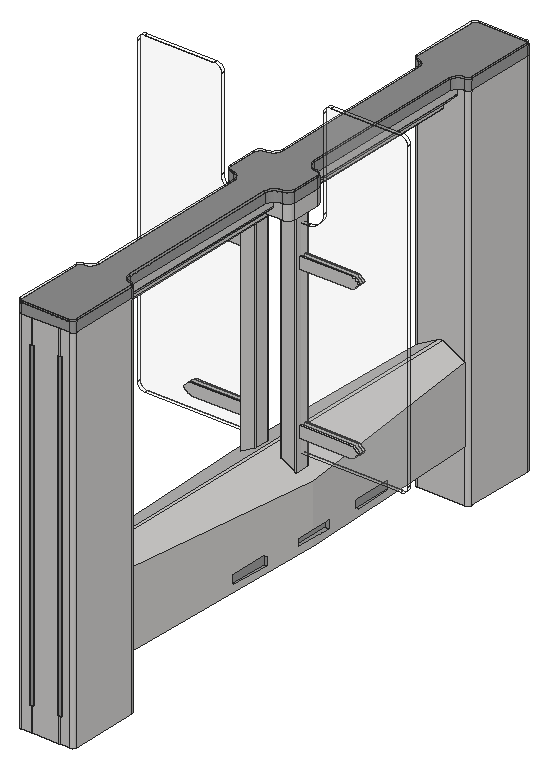
Revit family "CAME_Турникет_Скоростной_SWINGGATE_SWG55MРаздвижнойЦентральныйМодуль", category Специальное оборудование, Revit 2019
Family settings
  Размер круглого соединителя = Использовать диаметр
  Тип детали = Нормальный
  На основе рабочей плоскости = Нет
  Всегда вертикально = Да
  При загрузке вырезать с полостями = Нет
  Общий = Нет
  Точка расчета площади = Нет
Parameters
  х2 = 102.5 mm  # constant formula
  х1 = 72.5 mm  # constant formula
  Описание = "Центральный модуль распашного турникета SWING GATE SWG55M, оснащенный платой управления и светодиодными указателями прохода и направления. Корпус - нержавеющая сталь. Сервопозиционный электропривод створки с определением препятствий и автоматической разблокировкой при отключении электроэнергии. Створка из 10 мм закаленного стекла. Ширина прохода 550 мм. Высота створки 1200 мм. Время открытия - 2 сек."
  Изготовитель = "CAME"  # constant formula
  Группа модели = "Турникеты"
  Watermark [instance] = "Модели защищены уникальным кодом"
  URL = "https://camerussia.com"
  CAME_Тип механизма турникета = "моторизованный"  # constant formula
  CAME_Напряжение электропитания двигателя (В) = 24 V  # constant formula
  CAME_Максимальное количество проходов в минуту = "30"  # constant formula
  CAME_Класс защиты (IP) = "44"  # constant formula
  CAME_Интенсивность использования (%) = "ИНТЕНСИВНОЕ"  # constant formula
  CAME_Диапазон рабочих температур (°C) = "-20 ÷ +68"  # constant formula
  CAME_Время открывания (с) = "2"  # constant formula
  BL_Разработано = "support@bimlib.pro"  # constant formula
  BL_Email = "cru.info@came.com"  # constant formula
  BL_BIM library = "https://bimlib.pro/manufacturer/came/cf0b6efe-31e5-4ffa-b7ea-1d6fa84041d4/?tab=products"
  ADSK_Размер_Ширина = 705 mm  # constant formula
  ADSK_Размер_Глубина = 1488 mm  # constant formula
  ADSK_Размер_Высота = 1000 mm  # constant formula
  ADSK_Полная мощность = ADSK_Номинальная мощность / ADSK_Коэффициент мощности  # 81.25 VA
  ADSK_Обозначение = "ТУ 26.30.50-001-89603926-2021"  # constant formula
  ADSK_Номинальная мощность = 78 W  # constant formula
  ADSK_Напряжение = 230 V  # constant formula
  ADSK_Наименование краткое = "Центр. модуль турникета SWING GATE SWG55, 550 мм"  # constant formula
  ADSK_Наименование = "Центральный модуль скоростного распашного турникета SWING GATE SWG55, ширина прохода 550 мм"  # constant formula
  ADSK_Масса_Текст = "90"  # constant formula
  ADSK_Масса = 90  # constant formula
  ADSK_Марка = "АРТ:001SWG55MC"  # constant formula
  ADSK_Коэффициент мощности = 0.96
  ADSK_Количество фаз = 1  # constant formula
  ADSK_Количество = 1  # constant formula
  ADSK_Код изделия = "Код КСР 26.30.50.119.61.2.07.09"  # constant formula
  ADSK_Классификация нагрузок = Прочее
  ADSK_Завод-изготовитель = "CAME"  # constant formula
  ADSK_Единица измерения = "шт."  # constant formula
  ADSK_Группирование = "SWING GATE"  # constant formula
  ADSK_Версия семейства = "1.0"  # constant formula
  ADSK_Версия Revit = "2019"  # constant formula
  ADSK_URL страницы изделия = "https://camerussia.com/product/001swg55mc/"
  ADSK_URL документации изделия = "https://camerussia.com/uploads/support/instructions/files/Инструкция%20Swing%20Gate%20SWG55-SWG90.pdf"
Reference planes
  plane 1 "По центру (Вперед/Назад)": y = 0
  plane 2: z = 0
  plane 3 "По центру (Влево/Вправо)": x = 0
  plane 4: y = 744
  plane 5: y = -744
  plane 6: z = 1000
  plane 7: x = -102.5
  plane 8: x = 102.5
  plane 9: x = -72.5
  plane 10: x = 72.5
  plane 11: z = 1200
  plane 12: y = 544
  plane 13: y = -544
  plane 14: z = 970
  plane 15: z = 105
  plane 16: z = 365
  plane 17: z = 312.5
  plane 18: z = 157.5
  plane 19: x = -5
  plane 20: x = 5
  plane 21: z = 930
  plane 22: z = 905
  plane 23: x = -202.5
  plane 24: x = -227.5
  plane 25: x = 202.5
  plane 26: x = 227.5
  plane 27: x = -36.25
  plane 28: x = 36.25
  plane 29: x = -36.25
  plane 30: x = 36.25
  plane 31: x = 352.5
  plane 32: x = -352.5
Forms (mm)
  Extrusion 1, solid, material "CAME_Стекло_Закаленное_Черное", detail levels fine
    sketch origin (-925.693, -1524, 1000) x (-1, 0, 0) y (0, -1, 0)
      loop
        arc (-863.193, -2268) -> (-856.122, -2265.071) -> (-853.193, -2258) r 10
        line (-853.193, -2258) -> (-853.193, -2078)
        arc (-853.193, -2078) -> (-856.122, -2070.929) -> (-863.193, -2068) r 10
        arc (-863.193, -2068) -> (-879.103, -2061.41) -> (-885.693, -2045.5) r 22.5
        line (-885.693, -2045.5) -> (-885.693, -1604)
        arc (-885.693, -1604) -> (-878.371, -1586.322) -> (-860.693, -1579) r 25
        arc (-860.693, -1579) -> (-848.334, -1573.88) -> (-843.214, -1561.521) r 17.479
        line (-843.214, -1561.521) -> (-843.214, -1486.479)
        arc (-843.214, -1486.479) -> (-848.334, -1474.12) -> (-860.693, -1469) r 17.479
        arc (-860.693, -1469) -> (-878.371, -1461.678) -> (-885.693, -1444) r 25
        line (-885.693, -1444) -> (-885.693, -1002.5)
        arc (-885.693, -1002.5) -> (-879.103, -986.59) -> (-863.193, -980) r 22.5
        arc (-863.193, -980) -> (-856.122, -977.071) -> (-853.193, -970) r 10
        line (-853.193, -970) -> (-853.193, -790)
        arc (-853.193, -790) -> (-856.122, -782.929) -> (-863.193, -780) r 10
        line (-863.193, -780) -> (-988.193, -780)
        arc (-988.193, -780) -> (-995.264, -782.929) -> (-998.193, -790) r 10
        line (-998.193, -790) -> (-998.193, -970)
        arc (-998.193, -970) -> (-995.264, -977.071) -> (-988.193, -980) r 10
        arc (-988.193, -980) -> (-972.283, -986.59) -> (-965.693, -1002.5) r 22.5
        line (-965.693, -1002.5) -> (-965.693, -1444)
        arc (-965.693, -1444) -> (-973.016, -1461.678) -> (-990.693, -1469) r 25
        arc (-990.693, -1469) -> (-1003.053, -1474.12) -> (-1008.173, -1486.479) r 17.479
        line (-1008.173, -1486.479) -> (-1008.173, -1561.521)
        arc (-1008.173, -1561.521) -> (-1003.053, -1573.88) -> (-990.693, -1579) r 17.479
        arc (-990.693, -1579) -> (-973.016, -1586.322) -> (-965.693, -1604) r 25
        line (-965.693, -1604) -> (-965.693, -2045.5)
        arc (-965.693, -2045.5) -> (-972.283, -2061.41) -> (-988.193, -2068) r 22.5
        arc (-988.193, -2068) -> (-995.264, -2070.929) -> (-998.193, -2078) r 10
        line (-998.193, -2078) -> (-998.193, -2258)
        arc (-998.193, -2258) -> (-995.264, -2265.071) -> (-988.193, -2268) r 10
        line (-988.193, -2268) -> (-863.193, -2268)
    from 0 to -5
  Extrusion 2, solid, material "CAME_Сталь_Нержавеющая_AISI 304", detail levels fine
    sketch origin (0, 0, 0) x (1, 0, 0) y (0, 1, 0)
      loop
        arc (-72.5, -734) -> (-69.571, -741.071) -> (-62.5, -744) r 10
        line (-62.5, -744) -> (62.5, -744)
        arc (62.5, -744) -> (69.571, -741.071) -> (72.5, -734) r 10
        line (72.5, -734) -> (72.5, -554)
        arc (72.5, -554) -> (69.571, -546.929) -> (62.5, -544) r 10
        line (62.5, -544) -> (-62.5, -544)
        arc (-62.5, -544) -> (-69.571, -546.929) -> (-72.5, -554) r 10
        line (-72.5, -554) -> (-72.5, -734)
      loop
        line (-72.5, 734) -> (-72.5, 554)
        arc (-72.5, 554) -> (-69.571, 546.929) -> (-62.5, 544) r 10
        line (-62.5, 544) -> (62.5, 544)
        arc (62.5, 544) -> (69.571, 546.929) -> (72.5, 554) r 10
        line (72.5, 554) -> (72.5, 734)
        arc (72.5, 734) -> (69.571, 741.071) -> (62.5, 744) r 10
        line (62.5, 744) -> (-62.5, 744)
        arc (-62.5, 744) -> (-69.571, 741.071) -> (-72.5, 734) r 10
    from 0 to 970
  Extrusion 3, solid, material "CAME_Камень_Гранитный_SGL01", detail levels fine
    sketch origin (-925.693, -1524, 1000) x (-1, 0, 0) y (0, -1, 0)
      loop
        arc (-863.193, -2068) -> (-879.103, -2061.41) -> (-885.693, -2045.5) r 22.5
        line (-885.693, -2045.5) -> (-885.693, -1604)
        arc (-885.693, -1604) -> (-878.371, -1586.322) -> (-860.693, -1579) r 25
        arc (-860.693, -1579) -> (-848.334, -1573.88) -> (-843.214, -1561.521) r 17.479
        line (-843.214, -1561.521) -> (-843.214, -1486.479)
        arc (-843.214, -1486.479) -> (-848.334, -1474.12) -> (-860.693, -1469) r 17.479
        arc (-860.693, -1469) -> (-878.371, -1461.678) -> (-885.693, -1444) r 25
        line (-885.693, -1444) -> (-885.693, -1002.5)
        arc (-885.693, -1002.5) -> (-879.103, -986.59) -> (-863.193, -980) r 22.5
        arc (-863.193, -980) -> (-856.122, -977.071) -> (-853.193, -970) r 10
        line (-853.193, -970) -> (-853.193, -790)
        arc (-853.193, -790) -> (-856.122, -782.929) -> (-863.193, -780) r 10
        line (-863.193, -780) -> (-988.193, -780)
        arc (-988.193, -780) -> (-995.264, -782.929) -> (-998.193, -790) r 10
        line (-998.193, -790) -> (-998.193, -970)
        arc (-998.193, -970) -> (-995.264, -977.071) -> (-988.193, -980) r 10
        arc (-988.193, -980) -> (-972.283, -986.59) -> (-965.693, -1002.5) r 22.5
        line (-965.693, -1002.5) -> (-965.693, -1444)
        arc (-965.693, -1444) -> (-973.016, -1461.678) -> (-990.693, -1469) r 25
        arc (-990.693, -1469) -> (-1003.053, -1474.12) -> (-1008.173, -1486.479) r 17.479
        line (-1008.173, -1486.479) -> (-1008.173, -1561.521)
        arc (-1008.173, -1561.521) -> (-1003.053, -1573.88) -> (-990.693, -1579) r 17.479
        arc (-990.693, -1579) -> (-973.016, -1586.322) -> (-965.693, -1604) r 25
        line (-965.693, -1604) -> (-965.693, -2045.5)
        arc (-965.693, -2045.5) -> (-972.283, -2061.41) -> (-988.193, -2068) r 22.5
        arc (-988.193, -2068) -> (-995.264, -2070.929) -> (-998.193, -2078) r 10
        line (-998.193, -2078) -> (-998.193, -2258)
        arc (-998.193, -2258) -> (-995.264, -2265.071) -> (-988.193, -2268) r 10
        line (-988.193, -2268) -> (-863.193, -2268)
        arc (-863.193, -2268) -> (-856.122, -2265.071) -> (-853.193, -2258) r 10
        line (-853.193, -2258) -> (-853.193, -2078)
        arc (-853.193, -2078) -> (-856.122, -2070.929) -> (-863.193, -2068) r 10
    from -5 to -30
  Extrusion 4, solid, material "CAME_Сталь_Нержавеющая_AISI 304", detail levels fine
    sketch origin (-474.43, -1524, 105) x (-1, 0, 0) y (0, -1, 0)
      loop
        line (-411.93, -980) -> (-536.93, -980)
        arc (-536.93, -980) -> (-576.93, -1524) -> (-536.93, -2068) r 3719.2
        line (-536.93, -2068) -> (-411.93, -2068)
        arc (-411.93, -2068) -> (-371.93, -1524) -> (-411.93, -980) r 3719.2
    from 0 to 260
  Extrusion 5, void
    sketch origin (0, 0, 0) x (-1, 0, 0) y (0, 0, 1)
      loop
        line (-5, 365) -> (-102.5, 365) -> (-102.5, 310.955) -> (-5, 365)
      loop
        line (5, 365) -> (102.5, 310.955) -> (102.5, 365) -> (5, 365)
      loop
        line (-5, 105) -> (-102.5, 159.045) -> (-102.5, 105) -> (-5, 105)
      loop
        line (5, 105) -> (102.5, 105) -> (102.5, 159.045) -> (5, 105)
    from -554 to 554
  Extrusion 6, solid, material "CAME_Сталь_Нержавеющая_AISI 304", detail levels fine
    sketch origin (0, 0, 0) x (1, 0, 0) y (0, 0, 1)
      loop
        line (-40, 970) -> (-40, 952.071)
        arc (-40, 952.071) -> (-39.619, 950.158) -> (-38.536, 948.536) r 5
        line (-38.536, 948.536) -> (-21.464, 931.464)
        arc (-21.464, 931.464) -> (-19.842, 930.381) -> (-17.929, 930) r 5
        line (-17.929, 930) -> (-10, 930)
        arc (-10, 930) -> (-6.464, 928.536) -> (-5, 925) r 5
        line (-5, 925) -> (-5, 907.019)
        arc (-5, 907.019) -> (-4.409, 905.591) -> (-2.981, 905) r 2.019
        line (-2.981, 905) -> (3, 905)
        arc (3, 905) -> (4.414, 905.586) -> (5, 907) r 2
        line (5, 907) -> (5, 925)
        arc (5, 925) -> (6.464, 928.536) -> (10, 930) r 5
        line (10, 930) -> (17.929, 930)
        arc (17.929, 930) -> (19.842, 930.381) -> (21.464, 931.464) r 5
        line (21.464, 931.464) -> (38.536, 948.536)
        arc (38.536, 948.536) -> (39.619, 950.158) -> (40, 952.071) r 5
        line (40, 952.071) -> (40, 970) -> (-40, 970)
    from -544 to 544
  Extrusion 7, solid, material "CAME_Сталь_Нержавеющая_AISI 304", detail levels fine
    sketch origin (-925.693, -1524, 970) x (-1, 0, 0) y (0, -1, 0)
      loop
        line (-843.214, -1561.521) -> (-843.214, -1486.479)
        arc (-843.214, -1486.479) -> (-848.334, -1474.12) -> (-860.693, -1469) r 17.479
        line (-860.693, -1469) -> (-990.693, -1469)
        arc (-990.693, -1469) -> (-1003.053, -1474.12) -> (-1008.173, -1486.479) r 17.479
        line (-1008.173, -1486.479) -> (-1008.173, -1561.521)
        arc (-1008.173, -1561.521) -> (-1003.053, -1573.88) -> (-990.693, -1579) r 17.479
        line (-990.693, -1579) -> (-860.693, -1579)
        arc (-860.693, -1579) -> (-848.334, -1573.88) -> (-843.214, -1561.521) r 17.479
    from 0 to -40
  Extrusion 8, solid, material "CAME_Сталь_Нержавеющая_AISI 304", detail levels fine
    sketch origin (-435.329, -1524, 930) x (-1, 0, 0) y (0, -1, 0)
      loop
        arc (-364.829, -1544) -> (-363.415, -1543.414) -> (-362.829, -1542) r 2
        line (-362.829, -1542) -> (-362.829, -1506)
        arc (-362.829, -1506) -> (-363.415, -1504.586) -> (-364.829, -1504) r 2
        line (-364.829, -1504) -> (-400.829, -1504)
        arc (-400.829, -1504) -> (-402.244, -1504.586) -> (-402.829, -1506) r 2
        line (-402.829, -1506) -> (-402.829, -1542)
        arc (-402.829, -1542) -> (-402.244, -1543.414) -> (-400.829, -1544) r 2
        line (-400.829, -1544) -> (-364.829, -1544)
      loop
        arc (-469.829, -1544) -> (-468.415, -1543.414) -> (-467.829, -1542) r 2
        line (-467.829, -1542) -> (-467.829, -1506)
        arc (-467.829, -1506) -> (-468.415, -1504.586) -> (-469.829, -1504) r 2
        line (-469.829, -1504) -> (-505.829, -1504)
        arc (-505.829, -1504) -> (-507.244, -1504.586) -> (-507.829, -1506) r 2
        line (-507.829, -1506) -> (-507.829, -1542)
        arc (-507.829, -1542) -> (-507.244, -1543.414) -> (-505.829, -1544) r 2
        line (-505.829, -1544) -> (-469.829, -1544)
    from 0 to -617.5
  Extrusion 9, solid, material "CAME_Стекло_Закаленное", detail levels medium+fine
    sketch origin (0, 0, 0) x (1, 0, 0) y (0, 0, 1)
      loop
        line (-72.5, 365) -> (-72.5, 905) -> (-92.5, 905)
        arc (-92.5, 905) -> (-120.784, 916.716) -> (-132.5, 945) r 40
        line (-132.5, 945) -> (-132.5, 1180)
        arc (-132.5, 1180) -> (-138.358, 1194.142) -> (-152.5, 1200) r 20
        line (-152.5, 1200) -> (-332.5, 1200)
        arc (-332.5, 1200) -> (-346.642, 1194.142) -> (-352.5, 1180) r 20
        line (-352.5, 1180) -> (-352.5, 385)
        arc (-352.5, 385) -> (-346.642, 370.858) -> (-332.5, 365) r 20
        line (-332.5, 365) -> (-72.5, 365)
      loop
        line (72.5, 365) -> (332.5, 365)
        arc (332.5, 365) -> (346.642, 370.858) -> (352.5, 385) r 20
        line (352.5, 385) -> (352.5, 1180)
        arc (352.5, 1180) -> (346.642, 1194.142) -> (332.5, 1200) r 20
        line (332.5, 1200) -> (152.5, 1200)
        arc (152.5, 1200) -> (138.358, 1194.142) -> (132.5, 1180) r 20
        line (132.5, 1180) -> (132.5, 945)
        arc (132.5, 945) -> (120.784, 916.716) -> (92.5, 905) r 40
        line (92.5, 905) -> (72.5, 905) -> (72.5, 365)
    from -5 to 5
  Extrusion 10, solid, material "CAME_Сталь_Нержавеющая_AISI 304", detail levels fine
    sketch origin (0, 0, 0) x (1, 0, 0) y (0, 0, 1)
      loop
        line (-72.5, 405) -> (-72.5, 435) -> (-202.5, 435)
        arc (-202.5, 435) -> (-217.077, 430.962) -> (-227.5, 420) r 28.333
        arc (-227.5, 420) -> (-217.077, 409.038) -> (-202.5, 405) r 28.333
        line (-202.5, 405) -> (-72.5, 405)
      loop
        line (-72.5, 830) -> (-202.5, 830)
        arc (-202.5, 830) -> (-217.077, 825.962) -> (-227.5, 815) r 28.333
        arc (-227.5, 815) -> (-217.077, 804.038) -> (-202.5, 800) r 28.333
        line (-202.5, 800) -> (-72.5, 800) -> (-72.5, 830)
      loop
        line (72.5, 405) -> (202.5, 405)
        arc (202.5, 405) -> (217.077, 409.038) -> (227.5, 420) r 28.333
        arc (227.5, 420) -> (217.077, 430.962) -> (202.5, 435) r 28.333
        line (202.5, 435) -> (72.5, 435) -> (72.5, 405)
      loop
        line (72.5, 830) -> (72.5, 800) -> (202.5, 800)
        arc (202.5, 800) -> (217.077, 804.038) -> (227.5, 815) r 28.333
        arc (227.5, 815) -> (217.077, 825.962) -> (202.5, 830) r 28.333
        line (202.5, 830) -> (72.5, 830)
    from 5 to 10
  Extrusion 11, solid, material "CAME_Сталь_Нержавеющая_AISI 304", detail levels fine
    sketch origin (0, 0, 0) x (1, 0, 0) y (0, 0, 1)
      loop
        line (-72.5, 435) -> (-202.5, 435)
        arc (-202.5, 435) -> (-217.077, 430.962) -> (-227.5, 420) r 28.333
        arc (-227.5, 420) -> (-217.077, 409.038) -> (-202.5, 405) r 28.333
        line (-202.5, 405) -> (-72.5, 405) -> (-72.5, 435)
      loop
        line (202.5, 435) -> (72.5, 435) -> (72.5, 405) -> (202.5, 405)
        arc (202.5, 405) -> (217.077, 409.038) -> (227.5, 420) r 28.333
        arc (227.5, 420) -> (217.077, 430.962) -> (202.5, 435) r 28.333
      loop
        line (72.5, 800) -> (202.5, 800)
        arc (202.5, 800) -> (217.077, 804.038) -> (227.5, 815) r 28.333
        arc (227.5, 815) -> (217.077, 825.962) -> (202.5, 830) r 28.333
        line (202.5, 830) -> (72.5, 830) -> (72.5, 800)
      loop
        line (-202.5, 800) -> (-72.5, 800) -> (-72.5, 830) -> (-202.5, 830)
        arc (-202.5, 830) -> (-217.077, 825.962) -> (-227.5, 815) r 28.333
        arc (-227.5, 815) -> (-217.077, 804.038) -> (-202.5, 800) r 28.333
    from -10 to -5
  Extrusion 12, void
    sketch origin (-102.5, -903.392, 1200) x (0, -1, 0) y (0, 0, 1)
      loop
        line (-953.392, -1002.5) -> (-953.392, -1022.5) -> (-853.392, -1022.5) -> (-853.392, -1002.5) -> (-953.392, -1002.5)
      loop
        line (-753.392, -1002.5) -> (-753.392, -1022.5) -> (-653.392, -1022.5) -> (-653.392, -1002.5) -> (-753.392, -1002.5)
      loop
        line (-1053.392, -1002.5) -> (-1153.392, -1002.5) -> (-1153.392, -1022.5) -> (-1053.392, -1022.5) -> (-1053.392, -1002.5)
    from 0 to -10.5
  Extrusion 13, void
    sketch origin (102.5, 921.151, 1200) x (0, -1, 0) y (0, 0, 1)
      loop
        line (871.151, -1002.5) -> (871.151, -1022.5) -> (971.151, -1022.5) -> (971.151, -1002.5) -> (871.151, -1002.5)
      loop
        line (1071.151, -1002.5) -> (1071.151, -1022.5) -> (1171.151, -1022.5) -> (1171.151, -1002.5) -> (1071.151, -1002.5)
      loop
        line (771.151, -1002.5) -> (671.151, -1002.5) -> (671.151, -1022.5) -> (771.151, -1022.5) -> (771.151, -1002.5)
    from 0 to 10.5
  Extrusion 14, void
    sketch origin (0, 0, 0) x (1, 0, 0) y (0, 1, 0)
      loop
        arc (-34.75, -744) -> (-36.25, -742.5) -> (-37.75, -744) r 1.5
        line (-37.75, -744) -> (-34.75, -744)
      loop
        arc (37.75, -744) -> (36.25, -742.5) -> (34.75, -744) r 1.5
        line (34.75, -744) -> (37.75, -744)
      loop
        line (-34.75, 744) -> (-37.75, 744)
        arc (-37.75, 744) -> (-36.25, 742.5) -> (-34.75, 744) r 1.5
      loop
        line (37.75, 744) -> (34.75, 744)
        arc (34.75, 744) -> (36.25, 742.5) -> (37.75, 744) r 1.5
    from 0 to 970
  Extrusion 15, void
    sketch origin (0, 0, 0) x (1, 0, 0) y (0, 1, 0)
      loop
        line (-31.25, -744) -> (-31.25, -739) -> (-41.25, -739) -> (-41.25, -744) -> (-31.25, -744)
      loop
        line (31.25, -744) -> (41.25, -744) -> (41.25, -739) -> (31.25, -739) -> (31.25, -744)
      loop
        line (-31.25, 744) -> (-41.25, 744) -> (-41.25, 739) -> (-31.25, 739) -> (-31.25, 744)
      loop
        line (31.25, 744) -> (31.25, 739) -> (41.25, 739) -> (41.25, 744) -> (31.25, 744)
    from 65 to 905
  Extrusion 16, solid, material "Индикатор синий", detail levels fine
    sketch origin (0, 0, 0) x (1, 0, 0) y (0, 1, 0)
      loop
        line (-41.25, 744) -> (-41.25, 739) -> (-31.25, 739) -> (-31.25, 744) -> (-41.25, 744)
      loop
        line (31.25, 744) -> (31.25, 739) -> (41.25, 739) -> (41.25, 744) -> (31.25, 744)
      loop
        line (-41.25, -739) -> (-41.25, -744) -> (-31.25, -744) -> (-31.25, -739) -> (-41.25, -739)
      loop
        line (31.25, -739) -> (31.25, -744) -> (41.25, -744) -> (41.25, -739) -> (31.25, -739)
    from 65 to 905
  Extrusion 17, solid, material "CAME_Сталь_Нержавеющая_AISI 304", detail levels medium
    sketch origin (0, 0, 0) x (0, 1, 0) y (0, 0, 1)
      loop
        line (744, 0) -> (744, 1000) -> (-744, 1000) -> (-744, 0) -> (-544, 0) -> (-544, 105) -> (544, 105) -> (544, 0) -> (744, 0)
      loop
        line (-544, 365) -> (-20, 365) -> (-20, 905) -> (-544, 905) -> (-544, 365)
      loop
        line (544, 905) -> (20, 905) -> (20, 365) -> (544, 365) -> (544, 905)
    from -72.5 to 72.5
Cuts and joins
  Extrusion 13, Extrusion 14, Extrusion 15 cuts Extrusion 2
  Extrusion 5, Extrusion 12, Extrusion 13 cuts Extrusion 4
  Extrusion 13 cuts Extrusion 8
  joined: Extrusion 2, Extrusion 4, Extrusion 8
  joined: Extrusion 6, Extrusion 7
Lines and regions (mm)
  model lines, style "CAME", detail levels coarse
    curve 1: line (-40, -544, 0) -> (-40, 544, 0)
    curve 2: line (40, -544, 0) -> (40, 544, 0)
    curve 3: line (-72.5, 744, 0) -> (72.5, 744, 0)
    curve 4: line (-72.5, 544, 0) -> (-72.5, 744, 0)
    curve 5: line (72.5, 544, 0) -> (40, 544, 0)
    curve 6: line (72.5, 744, 0) -> (72.5, 544, 0)
    curve 7: line (-72.5, -744, 0) -> (72.5, -744, 0)
    curve 8: line (-72.5, -544, 0) -> (-72.5, -744, 0)
    curve 9: line (72.5, -544, 0) -> (40, -544, 0)
    curve 10: line (72.5, -744, 0) -> (72.5, -544, 0)
    curve 11: line (40, 0, 0) -> (352.5, 0, 0)
    curve 12: line (-40, 0, 0) -> (-352.5, 0, 0)
    curve 13: line (-40, -544, 0) -> (-72.5, -544, 0)
    curve 14: line (-40, 544, 0) -> (-72.5, 544, 0)
Dimensions and locks
  equal spacing: plane 5, plane 1 "По центру (Вперед/Назад)", plane 4
  "ADSK_Размер_Глубина": plane 5 to plane 4
  "ADSK_Размер_Высота": plane 6 to plane 2
  "х2": plane 7 to plane 3 "По центру (Влево/Вправо)" to plane 8
  "х1": plane 9 to plane 3 "По центру (Влево/Вправо)" to plane 10
  locked: plane 11 to plane 2 at 1200
  locked: plane 4 to plane 12 at 200
  locked: plane 13 to plane 5 at 200
  Extrusion 1 sketch curve to plane 3 "По центру (Влево/Вправо)" to Extrusion 1 sketch curve = 40 mm locked, 40 mm locked
  Extrusion 1 sketch curve to plane 3 "По центру (Влево/Вправо)" to Extrusion 1 sketch curve = 82.479 mm locked, 82.479 mm locked
  locked: plane 6 to plane 14 at 30
  locked: plane 5 to Extrusion 2 sketch curve at 200
  locked: plane 4 to Extrusion 2 sketch curve at 200
  locked: plane 16 to plane 15 at 260
  locked: plane 17 to plane 18 at 155
  locked: plane 15 to plane 2 at 105
  locked: plane 18 to plane 15 at 52.5
  plane 19 to plane 3 "По центру (Влево/Вправо)" to plane 20 = 5 mm locked, 5 mm locked
  locked: plane 14 to plane 21 at 40
  locked: plane 14 to plane 22 at 65
  Extrusion 6 sketch curve to Extrusion 6 sketch curve to Extrusion 6 sketch curve to Extrusion 6 sketch curve to Extrusion 6 sketch curve to plane 3 "По центру (Влево/Вправо)" to Extrusion 6 sketch curve to Extrusion 6 sketch curve to Extrusion 6 sketch curve to Extrusion 6 sketch curve to Extrusion 6 sketch curve = 5 mm locked, 17.071 mm locked, 7.929 mm locked, 5 mm locked, 5 mm locked, 5 mm locked, 5 mm locked, 7.929 mm locked, 17.071 mm locked, 5 mm locked
  Extrusion 6 sketch curve to Extrusion 6 sketch curve to plane 21 to Extrusion 6 sketch curve = 17.071 mm locked, 5 mm locked, 5 mm locked  (x2)
  locked: Extrusion 4 sketch curve to plane 4 at 200
  locked: plane 5 to Extrusion 4 sketch curve at 200
  Extrusion 4 sketch curve to plane 3 "По центру (Влево/Вправо)" to Extrusion 4 sketch curve = 62.5 mm locked, 62.5 mm locked  (x2)
  Extrusion 8 sketch curve to plane 1 "По центру (Вперед/Назад)" to Extrusion 8 sketch curve = 20 mm locked, 20 mm locked
  Extrusion 8 sketch curve to Extrusion 8 sketch curve to plane 3 "По центру (Влево/Вправо)" = 40 mm locked, 32.5 mm locked
  plane 3 "По центру (Влево/Вправо)" to Extrusion 8 sketch curve to Extrusion 8 sketch curve = 32.5 mm locked, 40 mm locked
  locked: Extrusion 9 sketch curve to Extrusion 9 sketch curve at 220  (x2)
  Extrusion 10 sketch curve to Extrusion 10 sketch curve to plane 16 = 30 mm locked, 40 mm locked  (x2)
  plane 22 to Extrusion 10 sketch curve to Extrusion 10 sketch curve = 75 mm locked, 30 mm locked  (x2)
  plane 18 to Extrusion 12 sketch curve to Extrusion 12 sketch curve = 20 mm, 20 mm
  Extrusion 12 sketch curve to Extrusion 12 sketch curve to Extrusion 12 sketch curve to plane 1 "По центру (Вперед/Назад)" to Extrusion 12 sketch curve to Extrusion 12 sketch curve to Extrusion 12 sketch curve = 100 mm locked, 100 mm locked, 50 mm locked, 50 mm locked, 100 mm locked, 100 mm locked
  Extrusion 13 sketch curve to Extrusion 13 sketch curve to plane 18 = 20 mm locked, 20 mm locked
  Extrusion 13 sketch curve to Extrusion 13 sketch curve to Extrusion 13 sketch curve to plane 1 "По центру (Вперед/Назад)" to Extrusion 13 sketch curve to Extrusion 13 sketch curve to Extrusion 13 sketch curve = 100 mm locked, 100 mm locked, 50 mm locked, 50 mm locked, 100 mm locked, 100 mm locked
  plane 9 to plane 27 to plane 3 "По центру (Влево/Вправо)" to plane 28 to plane 10 = 36.25 mm, 36.25 mm, 36.25 mm, 36.25 mm
  plane 9 to plane 29 to plane 3 "По центру (Влево/Вправо)" to plane 30 to plane 10 = 36.25 mm, 36.25 mm, 36.25 mm, 36.25 mm
  locked: plane 5 to Extrusion 15 sketch curve at 5
  Extrusion 15 sketch curve to plane 29 to Extrusion 15 sketch curve = 5 mm locked, 5 mm locked  (x2)
  Extrusion 15 sketch curve to plane 30 to Extrusion 15 sketch curve = 5 mm locked, 5 mm locked  (x2)
  locked: plane 4 to Extrusion 15 sketch curve at 5
  locked: plane 4 to Extrusion 17 sketch curve at 200
  locked: Extrusion 17 sketch curve to plane 5 at 200
  Extrusion 17 sketch curve to plane 1 "По центру (Вперед/Назад)" to Extrusion 17 sketch curve = 20 mm locked, 20 mm locked
  locked: plane 5 to curve 13 at 200
  plane 4 to curve 14 = 200 mm
  curve 1 to plane 3 "По центру (Влево/Вправо)" to curve 2 = 40 mm locked, 40 mm locked
  equal spacing: plane 32, plane 3 "По центру (Влево/Вправо)", plane 31
  "ADSK_Размер_Ширина": plane 32 to plane 31
  radius of Extrusion 1 sketch curve = 10 mm  (x2)
  radius of Extrusion 1 sketch curve = 25 mm  (x4)
  radius of Extrusion 2 sketch curve = 10 mm  (x4)
  radius of Extrusion 6 sketch curve = 5 mm  (x6)
  radius of Extrusion 6 sketch curve = 2.019 mm
  radius of Extrusion 6 sketch curve = 2 mm
  radius of Extrusion 9 sketch curve = 20 mm  (x6)
  radius of Extrusion 9 sketch curve = 40 mm  (x2)
  locked: plane 16 to Extrusion 5 sketch curve (angle 29.00°)
  locked: Extrusion 5 sketch curve to plane 16 (angle 29.00°)
  locked: Extrusion 5 sketch curve to plane 15 (angle 29.00°)
  locked: plane 15 to Extrusion 5 sketch curve (angle 29.00°)
  aligned and locked: level to plane 2
  aligned and locked: plane 5 to Extrusion 1 sketch curve
  aligned and locked: Extrusion 1 sketch curve to plane 9
  aligned and locked: plane 10 to Extrusion 1 sketch curve
  aligned and locked: Extrusion 1 sketch curve to plane 4
  aligned and locked: Extrusion 1 sketch curve to plane 10
  aligned and locked: plane 9 to Extrusion 1 sketch curve
  aligned and locked: Extrusion 1 sketch curve to Extrusion 1 sketch curve  (x2)
  aligned and locked: Extrusion 2 sketch curve to Extrusion 1  (x4)
  aligned and locked: Extrusion 1 to Extrusion 2 sketch curve  (x2)
  aligned and locked: plane 13 to Extrusion 1 sketch curve  (x2)
  aligned and locked: plane 12 to Extrusion 1 sketch curve  (x2)
  aligned and locked: Extrusion 3 sketch curve to Extrusion 1  (x20)
  aligned and locked: Extrusion 3 to plane 14
  aligned and locked: Extrusion 4 to plane 16
  aligned and locked: Extrusion 4 to plane 15
  aligned and locked: plane 16 to Extrusion 5 sketch curve
  aligned and locked: Extrusion 5 sketch curve to plane 16
  aligned and locked: Extrusion 5 sketch curve to plane 7
  aligned and locked: plane 8 to Extrusion 5 sketch curve
  aligned and locked: plane 19 to Extrusion 5 sketch curve  (x2)
  aligned and locked: plane 20 to Extrusion 5 sketch curve  (x2)
  aligned and locked: plane 15 to Extrusion 5 sketch curve
  aligned and locked: Extrusion 5 sketch curve to plane 15
  aligned and locked: Extrusion 5 sketch curve to plane 8
  aligned and locked: plane 7 to Extrusion 5 sketch curve
  aligned and locked: plane 22 to Extrusion 6 sketch curve
  aligned and locked: Extrusion 6 sketch curve to plane 14
  aligned and locked: Extrusion 7 sketch curve to Extrusion 1  (x4)
  aligned and locked: Extrusion 7 to plane 21
  aligned and locked: Extrusion 8 sketch curve to Extrusion 8 sketch curve  (x2)
  aligned and locked: plane 21 to Extrusion 8
  aligned and locked: Extrusion 8 to plane 17
  aligned and locked: Extrusion 9 sketch curve to plane 11
  aligned and locked: Extrusion 9 sketch curve to plane 16
  aligned and locked: Extrusion 9 sketch curve to plane 9
  aligned and locked: plane 22 to Extrusion 9 sketch curve
  aligned and locked: plane 11 to Extrusion 9 sketch curve
  aligned and locked: plane 16 to Extrusion 9 sketch curve
  aligned and locked: plane 10 to Extrusion 9 sketch curve
  aligned and locked: Extrusion 9 sketch curve to plane 22
  aligned and locked: plane 9 to Extrusion 10 sketch curve
  aligned and locked: Extrusion 10 sketch curve to plane 9
  aligned and locked: plane 23 to Extrusion 10 sketch curve  (x4)
  aligned and locked: plane 24 to Extrusion 10 sketch curve  (x2)
  aligned and locked: Extrusion 10 sketch curve to plane 25  (x3)
  aligned and locked: Extrusion 10 sketch curve to plane 26
  aligned and locked: plane 10 to Extrusion 10 sketch curve
  aligned and locked: Extrusion 10 sketch curve to plane 10
  aligned and locked: plane 25 to Extrusion 10 sketch curve
  aligned and locked: plane 26 to Extrusion 10 sketch curve
  aligned and locked: Extrusion 11 sketch curve to Extrusion 10  (x16)
  aligned and locked: Extrusion 12 sketch curve to Extrusion 12 sketch curve  (x4)
  aligned and locked: Extrusion 13 sketch curve to Extrusion 13 sketch curve  (x4)
  aligned and locked: plane 27 to Extrusion 14 sketch curve  (x2)
  aligned and locked: plane 28 to Extrusion 14 sketch curve  (x2)
  aligned and locked: plane 5 to Extrusion 14 sketch curve  (x4)
  aligned and locked: plane 4 to Extrusion 14 sketch curve  (x2)
  aligned and locked: Extrusion 14 sketch curve to plane 4  (x2)
  aligned and locked: plane 14 to Extrusion 14
  aligned and locked: plane 5 to Extrusion 15 sketch curve
  aligned and locked: Extrusion 15 sketch curve to plane 5
  aligned and locked: Extrusion 15 sketch curve to Extrusion 15 sketch curve  (x2)
  aligned and locked: plane 4 to Extrusion 15 sketch curve
  aligned and locked: Extrusion 15 sketch curve to plane 4
  aligned and locked: Extrusion 15 to plane 22
  aligned and locked: Extrusion 16 sketch curve to cut or joined group 1 (Extrusion 2, Extrusion 4, Extrusion 5, Extrusion 8, Extrusion 12, Extrusion 13, Extrusion 14, Extrusion 15)  (x12)
  aligned and locked: Extrusion 16 sketch curve to plane 4
  aligned and locked: Extrusion 16 sketch curve to plane 5
  aligned and locked: Extrusion 16 to cut or joined group 1
  aligned and locked: Extrusion 17 sketch curve to plane 6
  aligned and locked: plane 22 to Extrusion 17 sketch curve  (x2)
  aligned and locked: Extrusion 17 sketch curve to plane 4
  aligned and locked: Extrusion 17 sketch curve to plane 5
  aligned and locked: plane 2 to Extrusion 17 sketch curve
  aligned and locked: Extrusion 17 sketch curve to plane 2
  aligned and locked: Extrusion 17 sketch curve to Extrusion 17 sketch curve  (x2)
  aligned and locked: Extrusion 17 sketch curve to plane 16  (x2)
  aligned and locked: Extrusion 17 sketch curve to plane 15
  aligned and locked: curve 12 to plane 1 "По центру (Вперед/Назад)"
  aligned and locked: plane 1 "По центру (Вперед/Назад)" to curve 11
  aligned and locked: curve 3 to plane 4
  aligned and locked: curve 4 to plane 9
  aligned and locked: curve 6 to plane 10
  aligned and locked: plane 5 to curve 7
  aligned and locked: plane 10 to curve 10
  aligned and locked: plane 9 to curve 8
  aligned and locked: curve 9 to curve 13
  aligned and locked: curve 5 to curve 14
  aligned and locked: plane 31 to Extrusion 9 sketch curve
  aligned and locked: plane 32 to Extrusion 9 sketch curve
  aligned and locked: plane 32 to curve 12
  aligned and locked: plane 31 to curve 11
Automatic sketch dimensions
  Extrusion 1 sketch curve to plane 12 = 0 mm  (x2)
  Extrusion 1 sketch curve to plane 13 = 0 mm  (x2)
  Extrusion 1 sketch curve to Extrusion 1 sketch curve = 10 mm  (x2)
  Extrusion 1 sketch curve to plane 10 = 10 mm  (x2)
  Extrusion 1 sketch curve to plane 5 = 10 mm
  Extrusion 1 sketch curve to plane 9 = 10 mm
  Extrusion 1 sketch curve to plane 1 "По центру (Вперед/Назад)" = 80 mm
  Extrusion 1 sketch curve to Extrusion 1 sketch curve = 0 mm
  Extrusion 1 sketch curve to Extrusion 1 sketch curve = 17.479 mm  (x2)
  plane 1 "По центру (Вперед/Назад)" to Extrusion 1 sketch curve = 37.521 mm  (x2)
  Extrusion 1 sketch curve to Extrusion 1 sketch curve = 25 mm  (x2)
  Extrusion 8 sketch curve to plane 10 = 2 mm  (x2)
  Extrusion 8 sketch curve to Extrusion 8 sketch curve = 2 mm  (x4)
  Extrusion 8 sketch curve to plane 9 = 2 mm  (x2)
  Extrusion 14 sketch curve to Extrusion 14 sketch curve = 1.5 mm  (x4)
  plane 21 to Extrusion 6 sketch curve = 18.536 mm  (x2)
  plane 21 to Extrusion 6 sketch curve = 1.464 mm  (x2)
  Extrusion 10 sketch curve to Extrusion 10 sketch curve = 1.667 mm  (x4)
  plane 5 to Extrusion 16 sketch curve = 0 mm
  Extrusion 16 sketch curve to plane 4 = 0 mm
  plane 8 to Extrusion 4 sketch curve = 3514.2 mm
  plane 7 to Extrusion 4 sketch curve = 3514.2 mm
Connectors
  electrical at (0, -677.333, 0), driven by "ADSK_Количество фаз", driven by "ADSK_Классификация нагрузок", driven by "ADSK_Напряжение", driven by "ADSK_Полная мощность", driven by "ADSK_Коэффициент мощности"
    settings: on cut or joined group 1, index 1, voltage 230 V, apparent load 0 VA, apparent load phase1 81.25 VA, apparent load phase2 0 VA, apparent load phase3 0 VA, power factor 0.96, load classification "Прочее", number of poles 1, system type 31, power factor state 1, is connector primary yes, connector utility no, sub classification motor no, connector description ""
